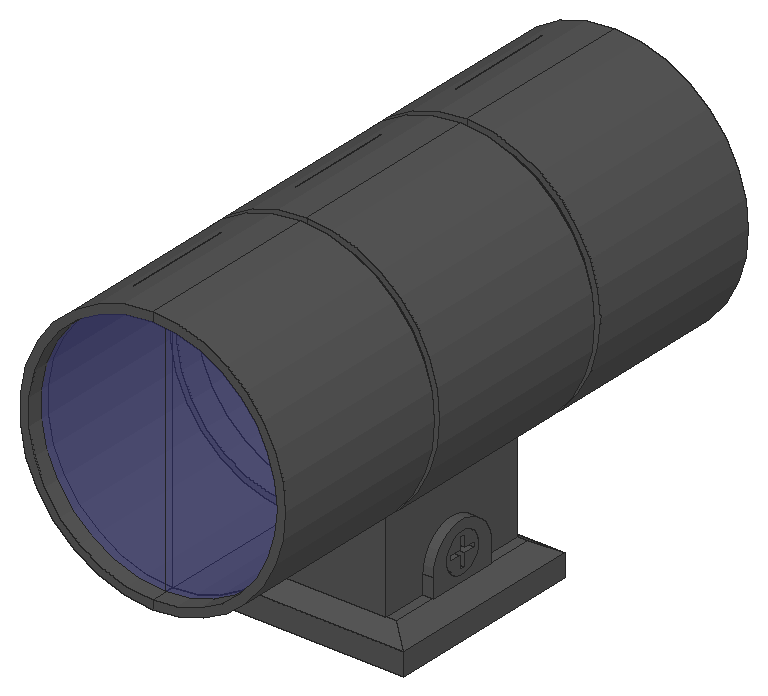
Revit family "CARLO CYLINDER LIGHT WALL MOUNT", category Lighting Fixtures, host Face, Revit 2020 (continued)
Types (10): name | Wattage_Input | Wattage Comments | Wattage | Photometric Web File | built-in parameter 1150142 | Model | built-in parameter 1150105 | Lumens | Light Length 1 | LIGHT RADIUS | LIGHT PLACEMENT | LIGHT LENGTH | LIGHT DIA | built-in parameter 1150106 | FIXED END HEIGHT | Curve base Height | Base Curve | BEAMING ANGLE | Apparent Load
    64 12.213 11.842 11.519 \r\n 11.213 10.882 10.551 10.235 9.9158 9.5744 9.2249 8.8729 8.526 8.1932 \r\n 7.8756 7.5878 7.298 6.9669 6.6309 6.3156 6.014 5.7354 5.4563 5.1434 \r\n 4.8341 4.565 4.3053 4.0275 3.7584 3.524 3.2998 3.0638 2.835 2.629 \r\n 2.4341 2.2436 2.0581 1.8731 1.6977 1.5436 1.3991 1.2518 1.1158 1.0042 \r\n 0.90773 0.82098 0.74626 0.68597 0.63443 0.58525 0.54305 0.51338 0.48711 0.46117 \r\n 0.43662 0.41354 0.39176 0.37079 0.35154 0.33508 0.32048 0.30732 0.29513 0.28285 \r\n 0.27184 0.26311 0.25664 0.25401 0.25142 0.24484 0.23643 0.23008 0.21645 0.18556 \r\n 0.14329 0.084605 0.032227 0.01454 0.0095552 0.0034205 0.00010653 0 0 0 \r\n 0 0 0 0 0.00016129 0.006401 0.018117 0.033876 0.062086 0.12223 \r\n 0.17964 0.19688 0.20175 0.21245 0.2203 0.22076 0.21958 0.22097 0.22495 0.23328 \r\n 0.245 0.26024 0.27749 0.29499 0.3135 0.33388 0.35407 0.37107 0.3885 0.40961 \r\n 0.43262 0.45688 0.48554 0.52224 0.56487 0.61153 0.66517 0.72636 0.8003 0.89507 \r\n 1.0027 1.1144 1.2405 1.3941 1.5576 1.7113 1.875 2.0701 2.2727 2.4565 \r\n 2.6504 2.8821 3.1295 3.3775 3.6327 3.8942 4.1685 4.4682 4.7734 5.0595 \r\n 5.3522 5.68 6.0105 6.3067 6.61 6.9653 7.325 7.6479 7.9602 8.2652 \r\n 8.589 8.9754 9.3757 9.7506 10.117 10.473 10.834 11.229 11.618 11.959 \r\n 12.291 12.639 13.01 13.393 13.863 14.455 15.272 16.477 17.926 18.853 \r\n 21.277 26.565 35.904 51.936 71.67 93.138 115.92 138.95 162.21 185.77 \r\n 208.26 228.06 245.95 263.17 276.79 282.89 285.74 288.42 290.51 292.64 \r\n 294.76 297.02 299.55 302.51 305.93 310.18 314.34 317.35 320.03 322.86 \r\n 325.81 329.01 332.49 336.37 340.44 344.28 348.63 353.94 360.6 369.21 \r\n 379.63 391.75 406.08 423.02 442.73 465 491.19 522.65 559.2 601.47 \r\n 648.34 699.18 753.21 809.85 867.87 925.57 983.78 1043.7 1102.6 1157.4 \r\n 1210.3 1263 1314.5 1364.5 1413.1 1460.6 1507.2 1553.3 1598.6 1643.3 \r\n 1686.2 1726.1 1763.1 1797.4 1828.5 1856.1 1880.6 1902.2 1921.5 1938.9 \r\n 1954.6 1969 1981.5 1991.9 2000 2004.9 2008.3 2011.8 2014.2 2014.5 \r\n 2013.2 \r\n2008.1 2009.6 2004.7 1998.6 1991.2 1982.1 1971.6 1959.7 1946 1929.9 \r\n 1911.6 1890.8 1868.3 1844.9 1819.9 1792.8 1762.9 1729.1 1692.8 1655 \r\n 1615.9 1576.1 1535.3 1493.5 1450.3 1405.3 1358.4 1309.4 1257.8 1202.1 \r\n 1144.8 1088.7 1031.8 972.63 913.22 854.91 797.97 742.93 690.29 640.41 \r\n 594.3 552.98 516.86 487.63 462.55 438.93 418.29 401.76 387.77 374.77 \r\n 363.77 355.68 349.23 343.42 338.34 333.66 329.63 326.54 323.82 320.93 \r\n 318 314.95 311.82 308.69 305.42 301.73 298.23 295.65 293.44 291.35 \r\n 289.2 286.71 283.97 282.15 277.65 265.86 250.91 235.64 219.27 202.41 \r\n 183.67 161.02 136.96 113.1 90.031 68.514 49.737 35.065 24.738 20.611 \r\n 19.197 17.332 15.901 14.735 13.832 13.16 12.646 12.21 11.841 11.505 \r\n 11.186 10.852 10.521 10.21 9.8954 9.5518 9.1999 8.851 8.507 8.1715 \r\n 7.8498 7.5582 7.2679 6.9469 6.6206 6.3033 5.9963 5.7135 5.4311 5.1184 \r\n 4.81 4.5403 4.2791 3.9983 3.7264 3.4908 3.2671 3.0349 2.8096 2.6021 \r\n 2.405 2.2152 2.0308 1.846 1.6698 1.5122 1.3651 1.2199 1.0866 0.97443 \r\n 0.87674 0.78915 0.71445 0.65629 0.60765 0.56141 0.52153 0.49178 0.46568 0.44023 \r\n 0.41618 0.39327 0.37152 0.35025 0.33127 0.31693 0.30497 0.29398 0.28374 0.27325 \r\n 0.26352 0.25527 0.2484 0.24378 0.23919 0.23236 0.22419 0.21738 0.20426 0.17783 \r\n 0.13877 0.075008 0.017864 0.004378 0.0053444 0.0019232 0.000060 0 0 0 \r\n 0 0 0 0 0.00024884 0.011838 0.028204 0.041577 0.066661 0.12865 \r\n 0.18832 0.20476 0.20819 0.21822 0.22567 0.22597 0.22487 0.22662 0.23123 0.24049 \r\n 0.25327 0.26967 0.28782 0.30563 0.32392 0.34332 0.36239 0.37874 0.3958 0.41679 \r\n 0.43998 0.46545 0.49607 0.53566 0.58144 0.63155 0.68701 0.74517 0.8151 0.90848 \r\n 1.0148 1.123 1.2466 1.4031 1.5695 1.7202 1.8804 2.0757 2.28 2.4669 \r\n 2.6631 2.8916 3.1367 3.3915 3.652 3.9058 4.1716 4.4746 4.7842 5.0674 \r\n 5.357 5.6872 6.0209 6.3185 6.6214 6.9719 7.3278 7.6547 7.9715 8.2768 \r\n 8.5973 8.9729 9.3631 9.7393 10.106 10.453 10.801 11.179 11.554 11.887 \r\n 12.22 12.577 12.966 13.379 13.881 14.505 15.34 16.525 17.947 18.875 \r\n 21.297 26.522 35.848 52.057 72.007 93.659 116.49 139.14 162.05 185.69 \r\n 208.58 229.44 248.09 264.4 276.88 282.84 285.81 288.52 290.65 292.76 \r\n 294.88 297.19 299.8 302.89 306.43 310.67 314.79 317.76 320.39 323.19 \r\n 326.12 329.29 332.73 336.56 340.56 344.26 348.47 353.79 360.48 369.04 \r\n 379.42 391.64 406.06 423.02 442.71 465.01 491.17 522.39 558.72 601.08 \r\n 648.09 698.94 752.91 809.42 867.3 924.96 983.06 1042.5 1101 1156 \r\n 1209.3 1262.1 1313.9 1364.3 1413.6 1461.2 1507.9 1554.2 1599.6 1644.5 \r\n 1687.6 1727.7 1765 1799.6 1831.2 1859.1 1884 1905.8 1925.1 1942.9 \r\n 1958.9 1973.1 1985.2 1995.3 2003 2007.3 2010 2012.9 2014.7 2014.7 \r\n 2013.2 \r\n2008.1 2009.8 2004.9 1998.6 1990.9 1981.6 1971 1959.1 1945.5 1929.3 \r\n 1910.9 1890.3 1868.1 1845.3 1820.8 1794.1 1764.5 1730.6 1694.3 1656.9 \r\n 1618.3 1579 1538.5 1496.4 1452.7 1407.7 1360.9 1311.7 1259.9 1204.1 \r\n 1146.8 1090.9 1034 974.27 914.19 855.79 798.84 743.52 690.55 640.42 \r\n 594.09 552.5 516.15 486.74 461.54 437.91 417.32 400.87 386.96 373.97 \r\n 363.05 355.26 349.17 343.7 338.89 334.29 330.25 327.19 324.45 321.41 \r\n 318.29 315.06 311.81 308.67 305.43 301.71 298.19 295.61 293.42 291.35 \r\n 289.22 286.69 283.9 282.28 277.6 264.24 247.77 232.39 216.68 201.5 \r\n 184.31 161.71 137.16 112.66 89.157 68.147 49.989 35.298 24.808 20.656 \r\n 19.246 17.402 15.997 14.845 13.938 13.216 12.65 12.207 11.84 11.491 \r\n 11.161 10.822 10.491 10.184 9.8736 9.5277 9.1731 8.8271 8.4858 8.1482 \r\n 7.8232 7.5276 7.2363 6.9246 6.6075 6.2888 5.9771 5.6897 5.4038 5.0921 \r\n 4.7855 4.5154 4.2529 3.9695 3.695 3.4582 3.2349 3.0064 2.7845 2.5759 \r\n 2.377 2.1877 2.0041 1.8198 1.6434 1.4829 1.3332 1.1901 1.0593 0.94671 \r\n 0.84793 0.75948 0.6847 0.62858 0.58266 0.53897 0.50105 0.47116 0.44514 0.42019 \r\n 0.3967 0.37404 0.35243 0.33099 0.31234 0.29993 0.29034 0.2813 0.27284 0.26407 \r\n 0.25555 0.24756 0.24001 0.23316 0.22632 0.21897 0.21081 0.20335 0.1907 0.16893 \r\n 0.13361 0.066013 0.0051048 0 0.0015389 0.00055621 0.000017 0 0 0 \r\n 0 0 0 0 0.00032258 0.016521 0.036964 0.048546 0.071244 0.13508 \r\n 0.19681 0.21231 0.21416 0.22347 0.23056 0.23092 0.23017 0.23242 0.23768 0.24771 \r\n 0.26129 0.27844 0.29715 0.31516 0.33328 0.35184 0.36996 0.38575 0.40248 0.42337 \r\n 0.44671 0.47338 0.50584 0.54786 0.5963 0.64949 0.70668 0.76244 0.82908 0.9213 \r\n 1.0266 1.1319 1.2535 1.4122 1.5807 1.7284 1.8852 2.0803 2.2858 2.4755 \r\n 2.6736 2.8991 3.1417 3.4021 3.667 3.9135 4.1716 4.4769 4.7903 5.0717 \r\n 5.3593 5.6912 6.0271 6.3261 6.6287 6.9744 7.3261 7.6561 7.9768 8.2826 \r\n 8.6 8.9644 9.344 9.7208 10.089 10.427 10.763 11.124 11.483 11.812 \r\n 12.146 12.514 12.919 13.357 13.889 14.549 15.411 16.585 17.987 18.91 \r\n 21.331 26.54 35.89 52.24 72.358 94.177 117.06 139.43 162.07 185.77 \r\n 208.98 230.74 250 265.48 276.95 282.78 285.85 288.59 290.74 292.84 \r\n 294.96 297.32 300 303.22 306.85 311.1 315.2 318.15 320.76 323.57 \r\n 326.5 329.64 333.03 336.79 340.69 344.24 348.33 353.62 360.32 368.83 \r\n 379.18 391.45 405.94 422.88 442.55 464.92 491.1 522.12 558.27 600.7 \r\n 647.84 698.69 752.61 808.98 866.72 924.32 982.3 1041.2 1099.3 1154.5 \r\n 1208.2 1261.2 1313.2 1364.3 1414 1461.9 1508.7 1555.1 1600.8 1645.8 \r\n 1689.1 1729.4 1767 1801.9 1833.8 1862 1887.1 1909.1 1928.6 1946.8 \r\n 1963 1977 1988.8 1998.5 2005.7 2009.5 2011.6 2013.8 2015.1 2014.8 \r\n 2013.2 \r\n2008.1 2009.7 2004.7 1998.2 1990.1 1980.7 1969.8 1957.8 1944.1 1927.9 \r\n 1909.6 1889.1 1867.2 1844.7 1820.5 1794 1764.6 1730.8 1694.7 1657.6 \r\n 1619.4 1580.5 1540.2 1497.8 1453.8 1408.7 1361.6 1312.1 1260 1204.3 \r\n 1147.1 1090.9 1033.7 973.44 912.84 854.13 796.95 741.44 688.36 638.21 \r\n 591.9 550.35 514 484.42 459.13 435.76 415.52 399.36 385.74 373.04 \r\n 362.39 354.85 349 343.81 339.25 334.88 330.95 327.7 324.68 321.48 \r\n 318.25 314.98 311.71 308.5 305.21 301.52 298.05 295.48 293.29 291.23 \r\n 289.1 286.57 283.77 282.17 277.44 263.88 247.16 231.43 215.49 200.57 \r\n 183.64 160.78 135.88 111.24 87.774 67.131 49.402 34.951 24.618 20.561 \r\n 19.202 17.398 16.016 14.883 13.981 13.233 12.638 12.19 11.825 11.476 \r\n 11.144 10.802 10.469 10.164 9.8547 9.5064 9.1493 8.8037 8.4636 8.127 \r\n 7.8023 7.5051 7.2126 6.9031 6.5886 6.2708 5.9585 5.6676 5.3791 5.0711 \r\n 4.7689 4.4988 4.2351 3.9511 3.6762 3.4385 3.2147 2.9876 2.7675 2.56 \r\n 2.3617 2.1717 1.9877 1.805 1.6303 1.47 1.3205 1.1788 1.0494 0.93712 \r\n 0.83826 0.74934 0.67434 0.61924 0.57453 0.53149 0.49375 0.46297 0.43638 0.41195 \r\n 0.38907 0.36647 0.34488 0.3238 0.30573 0.29424 0.28553 0.27677 0.26851 0.26045 \r\n 0.25229 0.24349 0.23442 0.22522 0.21605 0.20746 0.19843 0.18946 0.17663 0.15883 \r\n 0.12812 0.06265 0.0029878 0 0.00092675 0.00034039 0.000010 0 0 0 \r\n 0 0 0 0 0.000248 0.01689 0.037916 0.050013 0.073237 0.13786 \r\n 0.19992 0.21423 0.21466 0.22326 0.23025 0.2316 0.23214 0.23539 0.2413 0.25136 \r\n 0.26452 0.28077 0.29857 0.31619 0.33419 0.35291 0.37123 0.38699 0.40362 0.42439 \r\n 0.44778 0.475 0.50808 0.55039 0.59908 0.65263 0.71034 0.7671 0.8346 0.92666 \r\n 1.0318 1.1384 1.2611 1.4199 1.5875 1.7327 1.887 2.0814 2.2869 2.4765 \r\n 2.6745 2.8992 3.1411 3.4018 3.6668 3.9116 4.1681 4.4731 4.7876 5.0734 \r\n 5.3652 5.6971 6.0321 6.3316 6.6346 6.9783 7.3282 7.6584 7.9801 8.2876 \r\n 8.6051 8.9639 9.3374 9.7129 10.08 10.418 10.75 11.098 11.446 11.772 \r\n 12.111 12.487 12.902 13.337 13.877 14.588 15.506 16.712 18.129 19.014 \r\n 21.454 26.905 36.524 53.006 73.201 95.051 117.98 140.52 163.3 186.99 \r\n 210.09 231.65 250.68 265.91 277.17 282.9 285.92 288.63 290.77 292.86 \r\n 295 297.41 300.15 303.4 307.06 311.34 315.48 318.5 321.21 324.14 \r\n 327.16 330.3 333.62 337.21 340.92 344.38 348.41 353.65 360.3 368.77 \r\n 379.1 391.36 405.85 422.77 442.48 465.06 491.49 522.65 558.93 601.55 \r\n 648.87 699.86 753.87 810.21 867.84 925.37 983.17 1041.6 1099.3 1154.6 \r\n 1208.6 1261.9 1314.2 1365.6 1415.7 1463.8 1510.7 1557.4 1603.2 1648.6 \r\n 1692.2 1732.8 1770.6 1805.4 1837.2 1865.4 1890.5 1912.5 1932.1 1950.4 \r\n 1966.7 1980.4 1991.8 2000.9 2007.6 2011 2012.8 2014.6 2015.5 2015 \r\n 2013.2 \r\n2008.1 2009.4 2004.1 1997.3 1989 1979.3 1968.2 1955.9 1941.9 1925.8 \r\n 1907.6 1887.3 1865.4 1843.1 1819 1792.5 1763.1 1729.7 1693.9 1657.1 \r\n 1619.1 1580.4 1540.3 1497.8 1453.5 1408 1360.6 1310.5 1258 1202.5 \r\n 1145.5 1088.7 1030.8 970.13 909.18 849.94 792.32 736.75 683.78 633.84 \r\n 587.79 546.57 510.46 480.75 455.4 432.52 412.92 397.25 384.1 371.96 \r\n 361.78 354.43 348.7 343.7 339.37 335.39 331.68 328.02 324.49 321.14 \r\n 317.89 314.72 311.53 308.2 304.79 301.17 297.8 295.26 293.06 290.97 \r\n 288.82 286.34 283.58 281.8 277.16 264.79 249.05 232.79 215.77 199.66 \r\n 181.66 158.23 133.16 108.89 85.936 65.495 47.982 34.023 24.171 20.326 \r\n 19.068 17.316 15.952 14.846 13.961 13.213 12.612 12.163 11.799 11.46 \r\n 11.137 10.795 10.458 10.151 9.8401 9.4897 9.1304 8.7828 8.4422 8.1093 \r\n 7.7886 7.4923 7.1986 6.8841 6.5655 6.2505 5.9418 5.6487 5.3589 5.057 \r\n 4.7612 4.4915 4.2269 3.9445 3.671 3.4327 3.2079 2.9799 2.7597 2.5554 \r\n 2.3599 2.1682 1.9825 1.8023 1.6313 1.4743 1.3275 1.1864 1.0573 0.94614 \r\n 0.84827 0.75933 0.68398 0.62881 0.58374 0.53953 0.50029 0.46777 0.43991 0.416 \r\n 0.39374 0.37097 0.34929 0.3291 0.31185 0.30028 0.29092 0.28079 0.27114 0.26273 \r\n 0.25404 0.24346 0.23216 0.22068 0.20928 0.19881 0.18808 0.17685 0.16319 0.14828 \r\n 0.12262 0.065082 0.011611 0.00086536 0.0035555 0.0012966 0.000040 0 0 0 \r\n 0 0 0 0 0.000047 0.012951 0.03104 0.045935 0.072574 0.13688 \r\n 0.19752 0.21045 0.20966 0.21764 0.22482 0.22799 0.23067 0.23532 0.24187 0.25121 \r\n 0.26281 0.27658 0.29205 0.30871 0.32666 0.34654 0.36623 0.38248 0.39927 0.41995 \r\n 0.44326 0.47034 0.50279 0.54322 0.58973 0.64087 0.69784 0.75897 0.83146 0.92434 \r\n 1.0304 1.1421 1.2691 1.426 1.5899 1.733 1.8857 2.0791 2.2834 2.4701 \r\n 2.6658 2.8923 3.1356 3.3912 3.652 3.9009 4.1621 4.464 4.777 5.0731 \r\n 5.3751 5.7054 6.0363 6.3358 6.6396 6.9845 7.3349 7.6625 7.9821 8.2924 \r\n 8.6132 8.9723 9.3449 9.7177 10.084 10.427 10.764 11.104 11.444 11.773 \r\n 12.117 12.5 12.916 13.321 13.847 14.621 15.623 16.902 18.37 19.186 \r\n 21.665 27.6 37.722 54.323 74.504 96.251 119.21 142.36 165.7 189.3 \r\n 211.87 232.15 250.1 265.68 277.55 283.21 286.02 288.65 290.74 292.83 \r\n 294.99 297.44 300.22 303.43 307.06 311.38 315.62 318.81 321.72 324.88 \r\n 328.08 331.25 334.48 337.79 341.23 344.66 348.71 353.87 360.43 368.88 \r\n 379.19 391.37 405.8 422.69 442.49 465.43 492.32 523.97 560.69 603.58 \r\n 651.12 702.4 756.62 813.01 870.59 928.01 985.6 1043.6 1101 1156.1 \r\n 1210.2 1263.9 1316.7 1368.2 1418.5 1466.7 1513.9 1560.8 1607 1652.7 \r\n 1696.6 1737.5 1775.5 1810 1841.2 1869.1 1894 1915.9 1935.4 1953.8 \r\n 1970 1983.3 1994.1 2002.5 2008.6 2011.8 2013.6 2015.2 2015.9 2015.2 \r\n 2013.2 \r\n2008.1 2009 2003.4 1996.3 1987.8 1977.9 1966.6 1954 1939.7 1923.6 \r\n 1905.7 1885.4 1863.6 1841.4 1817.3 1790.7 1761.3 1728.3 1693 1656.4 \r\n 1618.6 1580.2 1540.2 1497.6 1453.1 1407.3 1359.4 1308.7 1255.7 1200.5 \r\n 1143.6 1086.2 1027.5 966.49 905.24 845.41 787.32 731.7 678.89 629.17 \r\n 583.41 542.56 506.74 476.88 451.46 429.1 410.19 395.03 382.38 370.84 \r\n 361.17 353.98 348.32 343.49 339.38 335.81 332.34 328.26 324.21 320.72 \r\n 317.49 314.45 311.39 307.93 304.38 300.83 297.56 295.03 292.82 290.7 \r\n 288.53 286.11 283.4 281.41 276.9 266 251.54 234.79 216.56 198.89 \r\n 179.45 155.46 130.34 106.54 84.164 63.841 46.446 33.012 23.696 20.08 \r\n 18.927 17.23 15.885 14.801 13.93 13.189 12.59 12.14 11.777 11.449 \r\n 11.137 10.793 10.45 10.141 9.8286 9.4764 9.1154 8.765 8.4232 8.0945 \r\n 7.7784 7.4833 7.1883 6.8677 6.5438 6.2318 5.9272 5.6326 5.342 5.0457 \r\n 4.7558 4.4869 4.2221 3.9417 3.67 3.4314 3.2055 2.976 2.7554 2.5543 \r\n 2.3618 2.1684 1.981 1.8032 1.6358 1.4826 1.3388 1.198 1.0685 0.9587 \r\n 0.86208 0.77324 0.69753 0.64196 0.59613 0.5504 0.50941 0.47507 0.44591 0.4224 \r\n 0.40069 0.37779 0.3561 0.33689 0.32049 0.30863 0.29835 0.28663 0.2754 0.26644 \r\n 0.25712 0.24475 0.23132 0.21789 0.20456 0.19217 0.17966 0.16636 0.15187 0.13888 \r\n 0.11745 0.0686 0.022122 0.0088832 0.0067287 0.0024446 0.000075 0 0 0 \r\n 0 0 0 0 0 0.0083262 0.022771 0.040994 0.071722 0.13558 \r\n 0.19453 0.2061 0.20418 0.21165 0.21912 0.22411 0.22886 0.23483 0.24189 0.25047 \r\n 0.26043 0.2715 0.28446 0.3001 0.31805 0.33927 0.36054 0.37743 0.39449 0.41513 \r\n 0.43837 0.46516 0.49671 0.5348 0.5786 0.62674 0.68267 0.74876 0.82694 0.92081 \r\n 1.0278 1.1454 1.2771 1.4314 1.5911 1.7324 1.8839 2.0763 2.2792 2.4624 \r\n 2.6555 2.8845 3.1296 3.3789 3.6342 3.8885 4.1557 4.4538 4.7641 5.071 \r\n 5.3836 5.7118 6.0381 6.3375 6.6422 6.9888 7.3398 7.6637 7.9801 8.2932 \r\n 8.6179 8.9784 9.3511 9.7212 10.086 10.438 10.78 11.115 11.449 11.781 \r\n 12.129 12.52 12.935 13.304 13.813 14.646 15.731 17.091 18.62 19.37 \r\n 21.888 28.312 38.929 55.608 75.733 97.354 120.34 144.16 168.1 191.6 \r\n 213.59 232.45 249.2 265.26 277.88 283.5 286.09 288.63 290.67 292.76 \r\n 294.94 297.43 300.24 303.4 306.99 311.38 315.74 319.12 322.25 325.66 \r\n 329.03 332.22 335.33 338.34 341.5 344.9 348.98 354.04 360.51 368.93 \r\n 379.22 391.31 405.65 422.51 442.41 465.7 493.07 525.22 562.39 605.52 \r\n 653.23 704.74 759.14 815.56 873.07 930.38 987.76 1045.4 1102.4 1157.4 \r\n 1211.6 1265.7 1318.8 1370.6 1420.9 1469.5 1516.9 1564.1 1610.6 1656.6 \r\n 1700.8 1742.1 1780.2 1814.2 1844.8 1872.4 1897 1918.7 1938.2 1956.5 \r\n 1972.5 1985.5 1995.9 2003.7 2009.1 2012.3 2014.1 2015.6 2016.1 2015.3 \r\n 2013.2 \r\n2008.1 2008.7 2002.8 1995.4 1986.6 1976.6 1965.1 1952.2 1937.7 1921.7 \r\n 1903.8 1883.7 1861.9 1839.7 1815.7 1789 1759.6 1727 1692.2 1655.9 \r\n 1618.2 1579.9 1540 1497.4 1452.8 1406.6 1358.3 1307.1 1253.7 1198.7 \r\n 1142 1083.9 1024.4 963 901.47 841.09 782.53 726.88 674.21 624.69 \r\n 579.19 538.69 503.13 473.14 447.63 425.78 407.5 392.82 380.63 369.69 \r\n 360.52 353.47 347.86 343.17 339.27 336.1 332.88 328.41 323.88 320.3 \r\n 317.12 314.24 311.3 307.73 304.04 300.54 297.35 294.82 292.59 290.43 \r\n 288.25 285.89 283.25 281.05 276.67 267.27 254.15 237.06 217.72 198.3 \r\n 177.25 152.79 127.75 104.44 82.62 62.33 44.967 32.032 23.247 19.851 \r\n 18.799 17.156 15.828 14.76 13.898 13.168 12.577 12.126 11.762 11.446 \r\n 11.144 10.795 10.446 10.134 9.821 9.4677 9.1054 8.752 8.4085 8.0835 \r\n 7.7718 7.4781 7.1819 6.8552 6.5259 6.2164 5.9156 5.6205 5.3294 5.0373 \r
    \n 4.752 4.4842 4.2201 3.9418 3.6718 3.433 3.2062 2.9754 2.7543 2.5557 \r\n 2.3657 2.1709 1.9821 1.8062 1.6419 1.4923 1.3514 1.2104 1.0802 0.97169 \r\n 0.87646 0.78779 0.71173 0.65558 0.60877 0.56152 0.51884 0.48285 0.45253 0.42925 \r\n 0.40793 0.38501 0.36342 0.3452 0.32961 0.31743 0.30624 0.29303 0.28032 0.27081 \r\n 0.26092 0.24703 0.23187 0.21701 0.20225 0.1881 0.17391 0.15907 0.14391 0.13159 \r\n 0.11296 0.072239 0.032547 0.016786 0.0098587 0.0035733 0.00011015 0 0 0 \r\n 0 0 0 0 0 0.0037512 0.01458 0.036251 0.071199 0.13467 \r\n 0.19199 0.2023 0.19938 0.2065 0.21432 0.22086 0.22735 0.23435 0.24178 0.24971 \r\n 0.25823 0.26677 0.27734 0.29205 0.31005 0.33261 0.35546 0.37308 0.39051 0.41117 \r\n 0.43438 0.46085 0.49141 0.52705 0.56804 0.61306 0.66785 0.73879 0.8226 0.91741 \r\n 1.0253 1.1486 1.2849 1.4363 1.5917 1.7316 1.8822 2.0738 2.2754 2.4552 \r\n 2.6457 2.8776 3.1247 3.3672 3.6166 3.8766 4.1502 4.4441 4.7511 5.0675 \r\n 5.3898 5.7158 6.0375 6.3368 6.6425 6.9907 7.3422 7.6616 7.974 8.2896 \r\n 8.6182 8.9803 9.3535 9.7218 10.087 10.446 10.796 11.127 11.455 11.79 \r\n 12.144 12.541 12.954 13.289 13.778 14.661 15.821 17.263 18.856 19.552 \r\n 22.106 28.957 39.996 56.704 76.74 98.238 121.26 145.7 170.19 193.61 \r\n 215.06 232.56 248.19 264.74 278.14 283.72 286.11 288.57 290.57 292.66 \r\n 294.86 297.38 300.21 303.33 306.9 311.36 315.86 319.43 322.78 326.41 \r\n 329.95 333.11 336.09 338.8 341.68 345.06 349.16 354.12 360.48 368.88 \r\n 379.15 391.13 405.37 422.21 442.19 465.81 493.59 526.19 563.74 607.04 \r\n 654.84 706.49 760.97 817.36 874.78 931.97 989.17 1046.5 1103.1 1158.1 \r\n 1212.3 1266.7 1320.3 1372.2 1422.7 1471.5 1519.4 1566.9 1613.7 1659.9 \r\n 1704.3 1745.9 1784.1 1817.6 1847.6 1874.8 1899.1 1920.7 1940.1 1958.3 \r\n 1974.2 1987 1997 2004.2 2009.2 2012.4 2014.3 2015.8 2016.3 2015.4 \r\n 2013.2 \r\n2008.1 2008.4 2002.2 1994.6 1985.6 1975.5 1963.9 1950.7 1936 1920.1 \r\n 1902.4 1882.3 1860.6 1838.3 1814.3 1787.5 1758.2 1726.1 1691.8 1655.6 \r\n 1618 1579.9 1540.1 1497.6 1452.9 1406.4 1357.7 1306 1252.3 1197.4 \r\n 1140.8 1082.1 1021.8 960.15 898.36 837.48 778.51 722.82 670.27 620.86 \r\n 575.53 535.32 499.97 469.82 444.22 422.78 405.05 390.75 378.96 368.54 \r\n 359.82 352.88 347.31 342.75 339.04 336.22 333.24 328.46 323.57 319.95 \r\n 316.84 314.13 311.32 307.63 303.82 300.34 297.19 294.65 292.39 290.2 \r\n 288 285.71 283.14 280.77 276.51 268.39 256.43 239.22 219.06 197.95 \r\n 175.32 150.55 125.72 102.86 81.466 61.125 43.713 31.198 22.88 19.672 \r\n 18.703 17.108 15.796 14.735 13.876 13.159 12.578 12.125 11.759 11.452 \r\n 11.157 10.803 10.445 10.132 9.8183 9.4647 9.1016 8.7452 8.3996 8.0774 \r\n 7.7692 7.4763 7.1792 6.8478 6.5143 6.2063 5.9081 5.6132 5.3224 5.032 \r\n 4.7488 4.4828 4.2204 3.944 3.6753 3.4364 3.2091 2.9774 2.7558 2.5586 \r\n 2.37 2.1744 1.985 1.81 1.6476 1.5009 1.3623 1.2206 1.0894 0.98203 \r\n 0.88814 0.7997 0.72334 0.66652 0.61875 0.5703 0.52636 0.48913 0.45789 0.43462 \r\n 0.41349 0.39067 0.36937 0.35201 0.33715 0.32481 0.313 0.29873 0.28497 0.27509 \r\n 0.26483 0.24998 0.23376 0.21822 0.20269 0.18715 0.17162 0.15608 0.14055 0.12735 \r\n 0.10948 0.075035 0.040909 0.023111 0.012357 0.0044716 0.00013805 0 0 0 \r\n 0 0 0 0 0 0 0.0079364 0.032763 0.071526 0.13487 \r\n 0.19095 0.20019 0.19641 0.20339 0.21158 0.21917 0.22676 0.23434 0.24193 0.24952 \r\n 0.25711 0.26364 0.27228 0.28627 0.30436 0.32808 0.35231 0.37067 0.38853 0.40932 \r\n 0.43256 0.45875 0.48843 0.52217 0.56042 0.60266 0.65637 0.73141 0.81996 0.91547 \r\n 1.024 1.152 1.292 1.4409 1.5924 1.7311 1.8812 2.0724 2.2731 2.45 \r\n 2.6384 2.8732 3.1224 3.3586 3.6023 3.8676 4.1469 4.4366 4.7398 5.0633 \r\n 5.3928 5.7166 6.0346 6.3339 6.6405 6.9899 7.3413 7.6557 7.9637 8.2813 \r\n 8.6131 8.9763 9.3501 9.7178 10.084 10.451 10.808 11.135 11.459 11.797 \r\n 12.156 12.557 12.968 13.275 13.747 14.666 15.884 17.399 19.053 19.72 \r\n 22.3 29.451 40.771 57.451 77.379 98.781 121.84 146.75 171.66 195.03 \r\n 216.07 232.5 247.26 264.23 278.28 283.84 286.06 288.47 290.44 292.53 \r\n 294.74 297.28 300.12 303.22 306.81 311.37 316.01 319.76 323.29 327.12 \r\n 330.77 333.86 336.66 339.11 341.75 345.09 349.18 354.04 360.29 368.67 \r\n 378.91 390.79 404.95 421.76 441.81 465.66 493.75 526.66 564.47 607.82 \r\n 655.6 707.23 761.66 817.93 875.21 932.29 989.35 1046.4 1102.8 1157.6 \r\n 1211.9 1266.5 1320.4 1372.6 1423.4 1472.6 1520.8 1568.7 1615.8 1662.1 \r\n 1706.6 1748.4 1786.8 1819.9 1849.3 1876.1 1900.2 1921.7 1941.1 1959.2 \r\n 1975 1987.6 1997.4 2004.2 2008.9 2012.2 2014.3 2015.8 2016.3 2015.4 \r\n 2013.2 \r\n" | "CCL4-11-20SPSW8-PC-40-WM-BK" | 2025.9 (stored number, unit not read) | 1800 lm | 0' - 3.67318" | 0' - 2" | 0' - 4 53/128" | 0' - 11 5/256" | 0' - 4" | 20.259 (stored number, unit not read) | 0' - 6 53/128" | 0' - 3 7/64" | 0' - 2" | 40.00° | 25 VA
